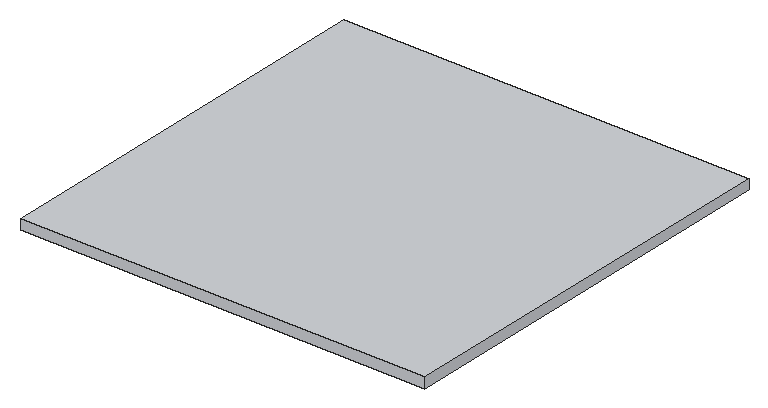
Revit family "4961500", category Aparatos sanitarios, Revit 2017
Family settings
  Anfitrión = Cara
  Cota de conector redondo = Diámetro de uso
  Tipo de pieza = Normal
  Número OmniClass = 23.45.55.14
  Título OmniClass = Single Faucets
  Corte con vacíos al cargar = No
  Compartido = No
  Punto de cálculo de habitación = No
Parameters (values of type "4961500")
  URL = "http://www.griferiasgalindo.com"
  Teléfono = "(+34) 915 782 575"
  TIPO DE AGUA = "Fria/Caliente"
  REFERENCIA = "4961500"
  Presión Máxima = "8 bar"
  PESO BRUTO = ""
  Nota clave = "Cartucho sellado mezclador con discos cerámicos de Ø 35 mm.  Suministrado con latiguillos flexibles de 3/4\" con excéntrica y embellecedor."
  Modelo = "GRIFO DE BAÑO DUCHA sin accesorios"
  Material = LATON CROMADO
  Imagen de tipo = <Ninguno>
  Fabricante = "PRESTO IBÉRICA"
  Default Elevation = 1219.2 mm
  ENTRADA = "Hembra 3/4\""
  Descripción = "Grupo baño-ducha sin accesorios"
  Código de montaje = "C1030220"
  Contacto = "info@prestoiberica.com"
  Conexión AF = yes
  Conexión AC = yes
  Comentarios de tipo = "Suministrado con excéntricas 1/2\" a 3/4\", flexo, soporte a pared y maneral. Cartucho sellado con discos cerámicos de diámetro 35 mm. Rodiador en ABS cromado de 225 mm. Barra soporte rociador regulable."
  CIERRE = "Manual"
  CAUDAL = ""
  Accionamiento = "Mediante maneta"
Reference planes
  plane 1 "Centro (Frontal/Posterior)": y = 0
  plane 2: z = 0
  plane 3 "Centro (Izquierda/Derecha)": x = 0
Forms (mm)
  Extrusion 1, solid
    sketch origin (0, 0, 0) x (1, 0, 0) y (0, 1, 0)
      loop
        line (-100, 100) -> (-100, -100) -> (100, -100) -> (100, 100) -> (-100, 100)
    from 0 to -5
Dimensions and locks
  Extrusion 1 sketch curve to plane 1 "Centro (Frontal/Posterior)" = 100 mm
  aligned and locked: plane 2 to Extrusion 1
  aligned and locked: level to Extrusion 1
Connectors
  piping at (-74.789, -12, -19.8), diameter 19.1
    settings: on import instance, index 1, connector inside diameter 609.6 mm, connector length 0 mm, flow factor 0, pipe flow 0.0 L/s, pressure drop 0.0 Pa, fitting loss kfactor 0, connector angle 0.00°, fixture units 0, engagement length 0 mm, angle of deflection 0.00°, flow configuration 0, flow direction 1, fitting loss method 0, system type 19, joint type 0, gender type 0, connector reference index -1, connector utility 0, adjustable connector no, is connector primary yes, connector description ""
  piping at (75.211, -12, -19.8), diameter 19.1
    settings: on import instance, index 2, connector inside diameter 609.6 mm, connector length 0 mm, flow factor 0, pipe flow 0.0 L/s, pressure drop 0.0 Pa, fitting loss kfactor 0, connector angle 0.00°, fixture units 0, engagement length 0 mm, angle of deflection 0.00°, flow configuration 0, flow direction 1, fitting loss method 0, system type 20, joint type 0, gender type 0, connector reference index -1, connector utility 0, adjustable connector no, is connector primary no, connector description ""
